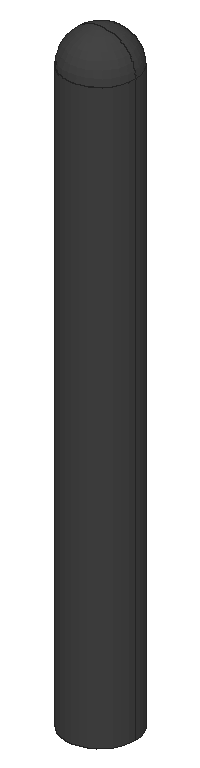
Revit family "End Post Bicycle Stand", category Furniture, Revit 2020
Family settings
  OmniClass Number = 23.21.23.13.15
  Work Plane-Based = No
  Always vertical = Yes
  Cut with Voids When Loaded = No
  Shared = No
  Room Calculation Point = No
Parameters (values of type "8003080 / Black")
  Uniclass 1.4 Description = "URBAN FURNITURE"
  Uniclass 1.4 Code = "L8211"
  URL = "https://www.hags.com/"
  QR code = "https://www.hags.com/en-us/furniture/park-and-urban-furniture/bicycle-storage/bike-stand-sculptor"
  Product url = "https://www.hags.com/en-us/furniture/park-and-urban-furniture/bicycle-storage/end-post-bicycle-stand"
  Product name = "End Post/Bicycle Stand Cast In Place"
  Product data url = "https://bimobject.com/hags/product/sofa_sofiero_detached"
  Product SKU = "End_Post_Detached"
  Product Guid = "90e49432-c870-4a59-897e-b15016e8f9bd"
  OmniClass Description = "BICYCLE STORAGE"
  OmniClass Code = "23-21 23 13 15"
  Model = "8003080"
  Manufacturer name = "HAGS"
  Manufacturer = "Hags"
  IFC Classification = "Furniture"
  Edition number = 1
  Description = ""
  Default Elevation = 0 mm
  Construction material = Hags - Steel - Powder coated - Black
  Body material_90 = Hags - Steel - Powder coated - Black
  Body material = Hags - Steel - Powder coated - Black
  BIMobject category = "PARK AND URBAN FURNITURE"
Reference planes
  plane 1 "Center (Front/Back)": y = 0
  plane 2: z = 0
  plane 3 "Center (Left/Right)": x = 0
Forms (mm)
  Extrusion 1, solid, material "Hags - Steel - Powder coated - Black" <- "Body material"
    sketch origin (-0.144, -0.173, 0) x (1, 0, 0) y (0, 1, 0)
      loop
        circle (-0.01, 0) r 50
    from 0 to 838.746
  Revolve 2, solid, material "Hags - Steel - Powder coated - Black" <- "Body material"
    sketch origin (-110.847, -0.086, 970.26) x (1, 0, 0) y (0, 0, 1)
      loop
        arc (160.71, -131.62) -> (146.066, -96.265) -> (110.71, -81.62) r 50
        line (110.71, -81.62) -> (110.71, -82.62)
        arc (110.71, -82.62) -> (145.359, -96.972) -> (159.71, -131.62) r 49
        line (159.71, -131.62) -> (160.71, -131.62)
      axis (110.71, -81.62) -> (110.71, -131.62)
    angle from 0 to 360
Dimensions and locks
  aligned and locked: level to plane 2
